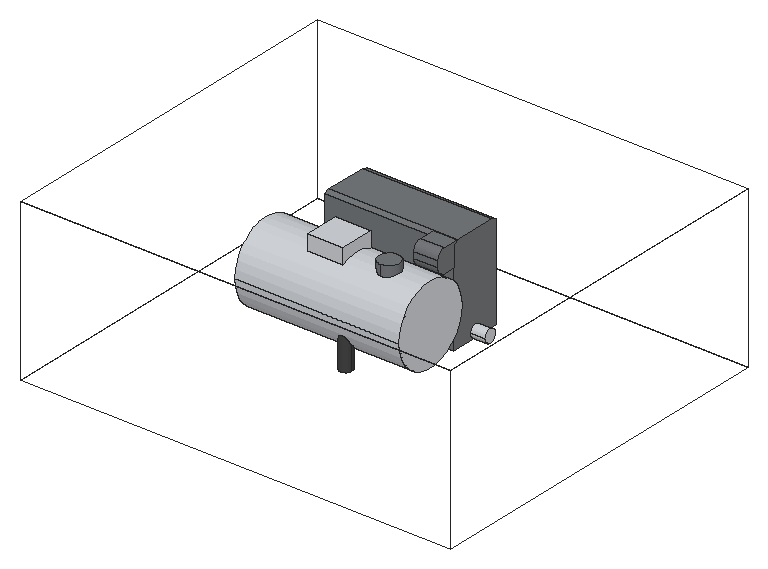
Revit family "EVISA", category Equipement de génie climatique, Revit 2018
Family settings
  Cote de connecteur circulaire = Utiliser le diamètre
  Classification = Aucun
  Type d'élément = Normal
  Basée sur le plan de construction = Non
  Toujours verticalement = Oui
  Couper avec des vides une fois chargée = Non
  Partagée = Non
  Point de calcul de pièce = Non
Parameters (values of type "d - E40.R")
  ØVIDANGE = 30 mm
  ØSILENTB. = 30 mm
  ØFILTRE_HUILE = 76 mm
  ØCOUDE_REFOUL. = 30 mm
  ØBRIDE = 50 mm
  ØBOUCH_OIL = 48.5 mm
  ZONE_MAINTENANCE [instance] = yes
  TENSION_ALIM = 400 V
  REFOUL_E40-100.R+SILENTB_N°5 = yes
  SILENTB_N°2 = no
  SILENTB_N°1 = no
  VISIBILITE_BRIDE = no
  RAY_COUDE_REFOUL. = ØCOUDE_REFOUL. * 0.8  # 24 mm
  PUISS_ELECT = 1.1 kW
  PUISSANCE_APPARENTE = PUISS_ELECT / 0.9  # 1222.22 VA
  PROF.VIDANGE = 37 mm
  ZONE_MAINT_50 = 100 mm + LONG_REFOUL.  # 131 mm
  POIDS(Kg) = 34.3 mm
  NIVEAU_SONORE(dB(A)) = 58
  NEUTRE = no
  NBR_POLES = 3
  Modèle = "EVISA"
  Lien espace client = "https://www.mils.fr/en/customers-area/"
  LONG_ZONE_MAINT = LONGUEUR + ZONE_MAINT_400  # 843 mm
  LONG_OFFSET_SILENTB_E25/100.R = 104.587 mm
  ZONE_MAINT_400 = 400 mm  # constant formula
  LARG_REFOUL_E25/100.R = 47.5 mm
  LARG_OFFSET_VIDANGE = 63.3 mm
  LARG_OFFSET_SILENTB_E25/100.R = 253.5 mm
  ZONE_MAINT_200 = 200 mm  # constant formula
  LARGEUR = 300 mm
  HAUT_REFOUL_E25/100.R = 55 mm
  HAUT_REFOUL. = 225 mm
  HAUT_OFFSET_VIDANGE = 38.5 mm
  LONGUEUR = 443 mm
  LARG_OFFSET_MOT_ELECT. = 72.3 mm
  LARG_OFFSET_FILTRE = 62 mm
  LARG_OFFSET_CORPS = 22.2 mm
  OFFSET_BOITE_REFOUL. = 67 mm
  LONG_OFFSET_REFOUL = 214 mm
  LONG_OFFSET_CORPS = 300 mm
  LONG_OFFSET_BRIDE = 159 mm
  LONG_OFFSET_BOITE_BORNE = 179 mm
  LONG_MOT_ELECT. = 397.5 mm
  LONG_FILTRE_HUILE = 76 mm
  LONG_ENTRAXE_SILENTB. = 187 mm
  LONG_CORPS = 49 mm
  LONG_BOITE_REFOUL. = 312 mm
  ØMOT_ELECT. = 189 mm
  LONG_BOITE_BORNE = 85 mm
  LARG_OFFSET_OIL = 44 mm
  LARG_OFFSET_COUDE_REFOUL. = 131 mm
  LARG_OFFSET_BRIDE = 85 mm
  LARG_OFFSET_BOITE_BORNE = LARG_BOITE_BORNE / 2  # 42.5 mm
  LARG_ENTRAXE_SILENTB. = 253.5 mm
  LARG_CORPS = 172.2 mm
  LARG_BOITE_REFOUL. = 128 mm
  LARG_BOITE_BORNE = 85 mm
  HAUT_SILENTB. = 21 mm
  LONG_REFOUL. = 31 mm
  HAUT_BOITE_REFOUL. = 257 mm
  HAUT_MOT_ELECT. = 115.5 mm
  HAUT_FILTRE_HUILE = 65.5 mm
  HAUT_CORPS = 180 mm
  HAUT_BRIDE = 228 mm
  HAUT_BOITE_BORNE = 237 mm
  HAUTEUR = 258 mm
  Fabricant = "MIL'S"
  DIAM_REFOUL_VIDE = DIAM_ASPI_VIDE  # 25 mm
  DIAM_ASPI_VIDE = 25 mm
  DESCR_REFOUL = "Refoulement Vide ; 44 m³/h ; G 1\" FEM"
  DESCR_ASPI = "Aspiration Vide ; 44 m³/h ; G 1\" FEM"
  DESCR_ALIM_ELECT = "Alimentation électrique, 4G1.5mm²"
  DEBIT_REFOUL_VIDE = DEBIT_ASPI_VIDE  # 44.0 m³/h
  DEBIT_ASPI_VIDE = 44.0 m³/h
  COUDE_REFOUL [instance] = no
  COS_PHI = 0.9  # constant formula
  CORPS = no
  CHANF.CORPS = 36 mm
  CHANF.REF.V = 5 mm
  BRANCHEMENT_TERRE = yes
Types (13, lengths in mm): name | ØSILENTB. | ØFILTRE_HUILE | ØCOUDE_REFOUL. | ØBRIDE | REFOUL_E40-100.R+SILENTB_N°5 | SILENTB_N°2 | SILENTB_N°1 | VISIBILITE_BRIDE | RAY_COUDE_REFOUL. | PUISS_ELECT | PUISSANCE_APPARENTE | PROF.VIDANGE | ZONE_MAINT_50 | POIDS(Kg) | NIVEAU_SONORE(dB(A)) | NEUTRE | LONG_ZONE_MAINT | LONG_OFFSET_SILENTB_E25/100.R | LARG_REFOUL_E25/100.R | LARG_OFFSET_VIDANGE | LARG_OFFSET_SILENTB_E25/100.R | LARGEUR | HAUT_REFOUL_E25/100.R | HAUT_REFOUL. | HAUT_OFFSET_VIDANGE | LONGUEUR | LARG_OFFSET_MOT_ELECT. | LARG_OFFSET_FILTRE | LARG_OFFSET_CORPS | OFFSET_BOITE_REFOUL. | LONG_OFFSET_REFOUL | LONG_OFFSET_CORPS | LONG_OFFSET_BRIDE | LONG_OFFSET_BOITE_BORNE | LONG_MOT_ELECT. | LONG_FILTRE_HUILE | LONG_ENTRAXE_SILENTB. | LONG_CORPS | LONG_BOITE_REFOUL. | ØMOT_ELECT. | LONG_BOITE_BORNE | LARG_OFFSET_OIL | LARG_OFFSET_COUDE_REFOUL. | LARG_OFFSET_BRIDE | LARG_OFFSET_BOITE_BORNE | LARG_ENTRAXE_SILENTB. | LARG_CORPS | LARG_BOITE_REFOUL. | LARG_BOITE_BORNE | HAUT_SILENTB. | LONG_REFOUL. | HAUT_BOITE_REFOUL. | HAUT_MOT_ELECT. | HAUT_FILTRE_HUILE | HAUT_CORPS | HAUT_BRIDE | HAUT_BOITE_BORNE | HAUTEUR | DIAM_REFOUL_VIDE | DIAM_ASPI_VIDE | DESCR_REFOUL | DESCR_ASPI | DESCR_ALIM_ELECT | DEBIT_REFOUL_VIDE | DEBIT_ASPI_VIDE | COUDE_REFOUL | CORPS | CHANF.CORPS | CHANF.REF.V
  i - E300.R | 50 | 100 | 60 | 80 | no | yes | yes | no | 48 | 5.5 kW | 6111.11 VA | 36 | 161 | 172 | 72 | no | 1463 | 104.587 | 62.175 | 192.5 | 235.702 | 516 | 67.5 | 477 | 50 | 1063 | 35 | 118 | 121 | 108.5 | 440.5 | 662.5 | 306.5 | 8 | 385.5 | 138 | 260 | 688 | 610 | 264 | 125 | 53 | 277 | 141 | 62.5 | 344.5 | 280 | 236 | 125 | 31.5 | 61 | 420 | 170 | 82.5 | 312.5 | 360 | 362 | 426 | 50 | 50 | "Refoulement Vide ; 300 m³/h ; G 3\" FEM" | "Aspiration Vide ; 300 m³/h ; G 2\" FEM" | "Alimentation électrique, 4G2.5mm²" | 300.0 m³/h | 300.0 m³/h | yes | yes | 50 | 40
  a - E25.2 HV | 30 | 76 | 39 | 50 | no | yes | yes | no | 31.2 | 0.75 kW | 833.333 VA | 36 | 142 | 39 | 60 | no | 935 | 104.587 | 62.175 | 36.5 | 235.702 | 296 | 67.5 | 290 | 29.5 | 535 | 0 | 75 | 92 | 146 | 174 | 235 | 148 | 37 | 251 | 75 | 148 | 250 | 370 | 156 | 94 | 44 | 144 | 85 | 47 | 189 | 165 | 131 | 94 | 14 | 42 | 265 | 115.5 | 59 | 209 | 249.5 | 223 | 276 | 25 | 25 | "Refoulement Vide ; 30 m³/h ; G 1\" FEM" | "Aspiration Vide ; 30 m³/h ; G 1\" FEM" | "Alimentation électrique, 4G1.5mm²" | 30.0 m³/h | 30.0 m³/h | yes | yes | 36 | 5
  j - E350.R | 60 | 93 | 95 | 138 | no | yes | yes | yes | 76 | 7.5 kW | 8333.33 VA | 37 | 178 | 363 | 72 | no | 1760 | 104.587 | 62.175 | 235 | 235.702 | 682 | 67.5 | 614 | 46 | 1360 | 0 | 220 | 188 | 82 | 524 | 758 | 349 | 43 | 510 | 121 | 376 | 837 | 686 | 310 | 135 | 51 | 349 | 170 | 76.5 | 464 | 383 | 299 | 153 | 28 | 78 | 533 | 210 | 95 | 431 | 509 | 443 | 544 | 80 | 80 | "Refoulement Vide ; 360 m³/h ; G 3\" FEM" | "Aspiration Vide ; 360 m³/h ; BRIDE DN80" | "Alimentation électrique, 4G4mm²" | 360.0 m³/h | 360.0 m³/h | yes | yes | 55 | 12
  c - E40.2 HV | 30 | 76 | 32 | 50 | no | yes | yes | no | 25.6 | 1.1 kW | 1222.22 VA | 36 | 142 | 52 | 62 | no | 1020 | 104.587 | 62.175 | 36.5 | 235.702 | 296 | 67.5 | 290 | 29.5 | 620 | 0 | 75 | 92 | 109 | 211 | 337 | 185 | 27.8 | 274.5 | 75 | 185 | 345 | 370 | 175 | 109.5 | 44 | 144 | 85 | 54.75 | 189 | 165 | 131 | 109.5 | 5 | 42 | 265 | 111.5 | 59 | 209 | 249.5 | 237.5 | 276 | 25 | 25 | "Refoulement Vide ; 47.7 m³/h ; G 1\" FEM" | "Aspiration Vide ; 47.7 m³/h ; G 1\" FEM" | "Alimentation électrique, 4G1.5mm²" | 47.7 m³/h | 47.7 m³/h | yes | yes | 36 | 5
  g - E150.R | 50 | 93 | 64.5 | 80 | no | yes | yes | no | 51.6 | 3 kW | 3333.33 VA | 41 | 165 | 154 | 69 | no | 1319 | 104.587 | 62.175 | 192.5 | 235.702 | 516 | 67.5 | 477 | 50 | 919 | 42.5 | 118 | 121 | 155 | 394 | 478.5 | 260 | 33 | 385.5 | 138 | 260 | 504 | 610 | 255 | 127 | 53 | 277 | 141 | 63.5 | 344.5 | 278 | 238 | 127 | 25 | 65 | 420 | 168 | 82.5 | 312.5 | 360 | 353 | 426 | 50 | 50 | "Refoulement Vide ; 132 m³/h ; G 2\" FEM" | "Aspiration Vide ; 132 m³/h ; G 2\" FEM" | "Alimentation électrique, 4G2.5mm²" | 132.0 m³/h | 132.0 m³/h | yes | yes | 40 | 40
  h - E200.R | 50 | 93 | 64.5 | 80 | no | yes | yes | no | 51.6 | 4 kW | 4444.44 VA | 38 | 161 | 143 | 71 | no | 1317 | 104.587 | 62.175 | 192.5 | 235.702 | 516 | 67.5 | 477 | 50 | 917 | 35 | 118 | 121 | 155 | 394 | 569 | 260 | 31.7 | 323 | 138 | 260 | 594.5 | 610 | 220 | 86 | 53 | 277 | 141 | 43 | 344.5 | 278 | 238 | 86 | 25 | 61 | 420 | 172 | 82.5 | 312.5 | 360 | 320 | 426 | 50 | 50 | "Refoulement Vide ; 200 m³/h ; G 2\" FEM" | "Aspiration Vide ; 200 m³/h ; G 2\" FEM" | "Alimentation électrique, 4G2.5mm²" | 200.0 m³/h | 200.0 m³/h | yes | yes | 40 | 40
  k - E400.R | 60 | 93 | 95 | 138 | no | yes | yes | yes | 76 | 9 kW | 10000 VA | 27.5 | 178 | 408 | 72 | no | 1800 | 104.587 | 62.175 | 235 | 235.702 | 680 | 67.5 | 614 | 46 | 1400 | 0 | 220 | 188 | 81.5 | 523.5 | 827.5 | 376 | 43 | 510 | 121 | 376 | 883.5 | 685.5 | 310 | 135 | 51 | 349 | 170 | 76.5 | 464 | 383 | 299 | 153 | 28 | 78 | 533 | 210 | 95 | 431 | 509 | 443 | 544 | 80 | 80 | "Refoulement Vide ; 426 m³/h ; G 3\" FEM" | "Aspiration Vide ; 426 m³/h ; BRIDE DN80" | "Alimentation électrique, 4G6mm²" | 426.0 m³/h | 426.0 m³/h | yes | yes | 55 | 10
  l - E500.R | 60 | 93 | 95 | 138 | no | yes | yes | yes | 76 | 11 kW | 12222.2 VA | 27.5 | 178 | 462 | 73 | no | 1900 | 104.587 | 62.175 | 235 | 235.702 | 680 | 67.5 | 614 | 46 | 1500 | 0 | 220 | 186 | 81.5 | 523.5 | 853.5 | 376 | 67 | 552 | 121 | 376 | 943.5 | 685.5 | 348 | 180 | 51 | 349 | 168 | 105 | 464 | 381 | 299 | 210 | 28 | 78 | 533 | 210 | 95 | 431 | 509 | 466 | 544 | 80 | 80 | "Refoulement Vide ; 513 m³/h ; G 3\" FEM" | "Aspiration Vide ; 513 m³/h ; BRIDE DN80" | "Alimentation électrique, 4G6mm²" | 513.0 m³/h | 513.0 m³/h | yes | yes | 55 | 12
  m - E600.R | 60 | 93 | 95 | 138 | no | yes | yes | yes | 76 | 13 kW | 14444.4 VA | 27.5 | 178 | 531 | 74 | no | 2055 | 104.587 | 62.175 | 235 | 235.702 | 680 | 67.5 | 611 | 46 | 1655 | 0 | 220 | 186 | 81.5 | 523.5 | 900 | 376 | 65.5 | 614 | 121 | 376 | 1035 | 685.5 | 348 | 180 | 51 | 349 | 168 | 105 | 464 | 381 | 299 | 210 | 28 | 78 | 533 | 210 | 95 | 431 | 509 | 466 | 544 | 80 | 80 | "Refoulement Vide ; 635 m³/h ; G 3\" FEM" | "Aspiration Vide ; 635 m³/h ; BRIDE DN80" | "Alimentation électrique 4G10mm²" | 635.0 m³/h | 635.0 m³/h | yes | yes | 55 | 12
  b - E25.R | 30 | 76 | 30 | 50 | yes | no | no | no | 24 | 0.75 kW | 833.333 VA | 37 | 131 | 30 | 59 | yes | 843 | 104.587 | 45 | 63.3 | 253.5 | 300 | 55 | 225 | 38.5 | 443 | 72.3 | 62 | 22.2 | 67 | 214 | 300 | 159 | 179 | 397.5 | 76 | 187 | 49 | 312 | 189 | 85 | 44 | 131 | 85 | 42.5 | 253.5 | 172.2 | 128 | 85 | 21 | 31 | 258 | 115.5 | 65.5 | 180 | 228 | 237 | 258 | 25 | 25 | "Refoulement Vide ; 28 m³/h ; G 1\" FEM" | "Aspiration Vide ; 28 m³/h ; G 1\" FEM" | "Alimentation électrique, 4G1.5mm²" | 28.0 m³/h | 28.0 m³/h | no | no | 36 | 5
  d - E40.R | 30 | 76 | 30 | 50 | yes | no | no | no | 24 | 1.1 kW | 1222.22 VA | 37 | 131 | 34.3 | 58 | no | 843 | 104.587 | 47.5 | 63.3 | 253.5 | 300 | 55 | 225 | 38.5 | 443 | 72.3 | 62 | 22.2 | 67 | 214 | 300 | 159 | 179 | 397.5 | 76 | 187 | 49 | 312 | 189 | 85 | 44 | 131 | 85 | 42.5 | 253.5 | 172.2 | 128 | 85 | 21 | 31 | 257 | 115.5 | 65.5 | 180 | 228 | 237 | 258 | 25 | 25 | "Refoulement Vide ; 44 m³/h ; G 1\" FEM" | "Aspiration Vide ; 44 m³/h ; G 1\" FEM" | "Alimentation électrique, 4G1.5mm²" | 44.0 m³/h | 44.0 m³/h | no | no | 36 | 5
  e - E65.R | 30 | 76 | 15 | 60 | yes | yes | no | no | 12 | 1.5 kW | 1666.67 VA | 51.3 | 120 | 63.4 | 67 | no | 1097 | 200.5 | 48.5 | 63.5 | 234 | 331 | 60 | 248 | 43.5 | 697 | 8.5 | 62 | 99 | 98 | 449.5 | 571 | 351 | 411 | 686 | 76 | 351 | 49 | 567.5 | 215 | 110 | 55.5 | 78.5 | 107.5 | 55 | 205 | 204 | 127 | 110 | 23 | 20 | 285 | 127 | 65.5 | 180 | 279 | 253 | 285 | 32 | 32 | "Refoulement Vide ; 68 m³/h ; G 1\"1/4 FEM" | "Aspiration Vide ; 68 m³/h ; G 1\"1/4 FEM" | "Alimentation électrique, 4G1.5mm²" | 68.0 m³/h | 68.0 m³/h | no | no | 36 | 25
  f - E100.R | 30 | 76 | 15 | 60 | yes | yes | no | no | 12 | 2.2 kW | 2444.44 VA | 51.3 | 120 | 67.2 | 67 | no | 1097 | 200.5 | 50 | 63.5 | 235.8 | 331 | 60 | 248 | 43.5 | 697 | 8.5 | 62 | 99 | 49.223 | 498 | 571 | 351 | 411 | 686 | 76 | 351 | 49 | 567.5 | 215 | 110 | 55.5 | 79.5 | 97 | 55 | 205 | 207 | 124 | 110 | 23 | 20 | 285 | 127 | 65.5 | 180 | 279 | 253 | 285 | 32 | 32 | "Refoulement Vide ; 100 m³/h ; G 1\"1/4 FEM" | "Aspiration Vide ; 100 m³/h ; G 1\"1/4 FEM" | "Alimentation électrique, 4G1.5mm²" | 100.0 m³/h | 100.0 m³/h | no | no | 36 | 25
Reference planes
  plane 1 "Centre (avant/arrière)": y = 0
  plane 2: z = 0
  plane 3 "Centre (gauche/droite)": x = 0
  plane 4: x = -545
  plane 5: x = -545
  plane 6: x = -245
  plane 7 "POS.SILENTB": y = -253.5
  plane 8: x = 187
  plane 9 "HAUTEUR SILENTB": z = 21
  plane 10: y = -275.7
  plane 11: y = -103.5
  plane 12 "FACE": y = 24.5
  plane 13: x = -67
  plane 14: x = 245
  plane 15: x = 251
  plane 16: x = 300
  plane 17 "GAUCHE": x = -146.5
  plane 18 "HAUTEUR FILTRE": z = 65.5
  plane 19 "HAUTEUR CORPS": z = 180
  plane 20 "HAUTEUR BOITE REFOUL": z = 257
  plane 21: x = -143
  plane 22 "OFFSET_FILT_HUILE": y = -37.5
  plane 23 "HAUTEUR MOTEUR": z = 115.5
  plane 24 "HAUTEUR BOITE BORNE": z = 237
  plane 25: x = 72
  plane 26: x = -13
  plane 27: y = -138.7
  plane 28: y = -223.7
  plane 29 "OFFSET_BRIDE": y = -190.7
  plane 30: x = 159
  plane 31 "HAUTEUR BRIDE": z = 228
  plane 32 "Refoulement": x = 214
  plane 33 "REFOULEMENT": y = -122.5
  plane 34 "HAUTEUR REFOUL": z = 225
  plane 35 "LG_REFOULEMENT": x = 245
  plane 36: x = -23
  plane 37 "OFFSET_LARG_MOT_ELECT.": y = -181.2
  plane 38 "OFFSET_LARG_VIDANGE": y = -38.8
  plane 39 "OFFSET_HAUT_VIDANGE": z = 38.5
  plane 40 "PROF.VIDANGE": x = 282
  plane 41 "HAUT_OFFSET_BRIDE": z = 225
  plane 42 "EPAISSEUR_BRIDE": z = 208
  plane 43 "HAUTEUR_REFOUL_E25/100.R": z = 202
  plane 44 "LARGEUR_REFOUL_E25/100.R": y = -151
  plane 45 "LARG_OFFSET_SILENTB_E25/100.R": x = 104.587
  plane 46: y = -253.5
  plane 47 "HAUT_ZONE_MAINT": z = 388
  plane 48 "ZONE_MAINT1": y = 224.5
  plane 49 "ZONE_MAINT2": y = -675.7
  plane 50 "ZONE_MAINT4": x = 696.5
  plane 51 "ZONE_MAINT3": x = -346.5
  plane 52 "BAS": z = 0
Forms (mm)
  Extrusion 1, solid, not visible
    sketch origin (-671.698, -1524, 268) x (-1, 0, 0) y (0, -1, 0)
      loop
        circle (-126.698, -1132) r 25
    from 0 to 17
  Extrusion 2, solid, not visible
    sketch origin (-671.698, -1524, 268) x (-1, 0, 0) y (0, -1, 0)
      loop
        circle (-126.698, -1132) r 25
    from 0 to 17
  Extrusion 3, solid, not visible
    sketch origin (-371.698, -1524, 268) x (-1, 0, 0) y (0, -1, 0)
      loop
        circle (-126.698, -1132) r 25
    from 0 to 17
  Extrusion 4, solid, material "NOIR MILS"
    sketch origin (-642.909, 391.084, 0) x (0.819152, -0.573576, 0) y (0.573576, 0.819152, 0)
      loop
        circle (750.957, 48.4) r 15
    from 0 to 21
  Extrusion 5, solid, material "NOIR MILS"
    sketch origin (-411.344, 387.129, 0) x (0.819152, -0.573576, 0) y (0.573576, 0.819152, 0)
      loop
        circle (712.183, 26.079) r 15
    from 0 to 21
  Extrusion 6, solid, material "NOIR MILS", visible <- "SILENTB_N°1"
    sketch origin (-642.909, 46.084, 0) x (0.819152, -0.573576, 0) y (0.573576, 0.819152, 0)
      loop
        circle (698.474, 123.352) r 15
    from 0 to 21
  Extrusion 7, solid, material "NOIR MILS", visible <- "SILENTB_N°2"
    sketch origin (-384.128, 47.671, 0) x (0.819152, -0.573576, 0) y (0.573576, 0.819152, 0)
      loop
        circle (640.585, 80.881) r 15
    from 0 to 21
  Extrusion 8, solid, material "ROUGE MILS", visible <- "CORPS"
    sketch origin (300, -181.5, 1200) x (0, 1, 0) y (0, 0, 1)
      loop
        line (78, -1179) -> (78, -1020) -> (-58.2, -1020) -> (-94.2, -1056) -> (-94.2, -1143) -> (-58.2, -1179) -> (78, -1179)
    from -49 to 0
  Extrusion 9, solid, material "GRIS MILS"
    sketch origin (245, 313.535, 1200) x (0, 1, 0) y (0, 0, 1)
      loop
        line (-417.035, -948) -> (-417.035, -1179) -> (-289.035, -1179) -> (-289.035, -948) -> (-302.035, -943) -> (-404.035, -943) -> (-417.035, -948)
    from 0 to -312
  Extrusion 10, solid, material "NOIR MILS"
    sketch origin (-67, 275.881, 1200) x (0, 1, 0) y (0, 0, 1)
      loop
        circle (-313.381, -1134.5) r 38
    from 0 to -76
  Extrusion 11, solid
    sketch origin (-67, 275.881, 1200) x (0, 1, 0) y (0, 0, 1)
      loop
        circle (-457.081, -1084.5) r 94.5
    from 318 to -79.5
  Extrusion 12, solid
    sketch origin (0, -298.805, 362) x (0, 1, 0) y (-1, 0, 0)
      loop
        line (160.105, 13) -> (75.105, 13) -> (75.105, -72) -> (160.105, -72) -> (160.105, 13)
    from -125 to -246.5
  Extrusion 13, solid, material "GRIS MILS"
    sketch origin (0, -298.805, 237) x (0, 1, 0) y (-1, 0, 0)
      loop
        circle (108.105, -159) r 25
    from -9 to -57
  Sweep 14, solid, visible <- "COUDE_REFOUL"
    path origin (400.091, -122.5, 1200) x (-1, 0, 0) y (0, 0, 1)
      loop
        line (186.091, -1020) -> (186.091, -999)
        arc (186.091, -999) -> (179.061, -982.029) -> (162.091, -975) r 24
        line (162.091, -975) -> (155.091, -975)
    profile origin (214, -122.5, 190.5) x (1, 0, 0) y (0, 1, 0)
      loop
        circle (0, 0) r 15
  Extrusion 15, solid, visible <- "SILENTB_N°1"
    sketch origin (0, 84.824, 257) x (0, 1, 0) y (-1, 0, 0)
      loop
        circle (-207.324, 23) r 24.25
    from 0 to 7
  Extrusion 16, solid
    sketch origin (245, 313.535, 1200) x (0, 1, 0) y (0, 0, 1)
      loop
        circle (-352.335, -1161.5) r 15
    from 0 to 37
  Extrusion 17, solid, material "GRIS MILS", visible <- "VISIBILITE_BRIDE"
    sketch origin (146.61, -1524, 357) x (-1, 0, 0) y (0, -1, 0)
      loop
        circle (-12.39, -1333.3) r 100
    from -132 to -149
  Extrusion 18, void
    sketch origin (146.61, -1524, 225) x (0, -1, 0) y (-1, 0, 0)
      loop
        circle (-1407.207, 18.224) r 9
      loop
        circle (-1363.9, 61.51) r 9
      loop
        circle (-1407.2, -42.99) r 9
      loop
        circle (-1363.9, -86.29) r 9
      loop
        circle (-1302.7, 61.51) r 9
      loop
        circle (-1302.7, -86.29) r 9
      loop
        circle (-1259.4, 18.21) r 9
      loop
        circle (-1259.4, -42.99) r 9
    from -3 to 17
  Extrusion 19, solid, material "GRIS MILS", visible <- "REFOUL_E40-100.R+SILENTB_N°5"
    sketch origin (245, 313.535, 1200) x (0, 1, 0) y (0, 0, 1)
      loop
        line (-417.035, -998) -> (-417.035, -948) -> (-404.035, -943) -> (-444.535, -943)
        arc (-444.535, -943) -> (-458.677, -948.858) -> (-464.535, -963) r 20
        line (-464.535, -963) -> (-464.535, -978)
        arc (-464.535, -978) -> (-458.677, -992.142) -> (-444.535, -998) r 20
        line (-444.535, -998) -> (-417.035, -998)
    from 0 to -58
  Extrusion 20, solid, material "NOIR MILS", visible <- "REFOUL_E40-100.R+SILENTB_N°5"
    sketch origin (0, 0, 0) x (1, 0, 0) y (0, 1, 0)
      loop
        circle (104.587, -253.5) r 15
    from 0 to 115.5
  Extrusion 21, solid, visible <- "ZONE_MAINTENANCE"
    sketch origin (0, 0, 0) x (1, 0, 0) y (0, 1, 0)
      loop
        line (-346.5, 224.5) -> (-346.5, -675.7) -> (696.5, -675.7) -> (696.5, 224.5) -> (-346.5, 224.5)
    from 0 to 388
Cuts and joins
  joined: Extrusion 11, Extrusion 12
  Extrusion 18 cuts Extrusion 17
Dimensions and locks
  "LONG_ENTRAXE_SILENTB.": plane 8 to plane 3 "Centre (gauche/droite)"
  "LARG_ENTRAXE_SILENTB.": plane 7 "POS.SILENTB" to plane 1 "Centre (avant/arrière)"
  "HAUT_SILENTB.": plane 9 "HAUTEUR SILENTB" to level
  "LARG_BOITE_REFOUL.": plane 12 "FACE" to plane 11
  "LARG_OFFSET_CORPS": plane 7 "POS.SILENTB" to plane 10
  "LARG_CORPS": plane 11 to plane 10
  "LONG_BOITE_REFOUL.": plane 13 to plane 14
  "OFFSET_BOITE_REFOUL.": plane 13 to plane 3 "Centre (gauche/droite)"
  "LONG_CORPS": plane 15 to plane 16
  "LONG_MOT_ELECT.": plane 17 "GAUCHE" to plane 15
  "CHANF.CORPS": Extrusion 8 sketch curve to Extrusion 8 sketch curve  (x4)
  "HAUT_FILTRE_HUILE": plane 18 "HAUTEUR FILTRE" to level
  "HAUT_CORPS": plane 19 "HAUTEUR CORPS" to level
  "HAUT_BOITE_REFOUL.": plane 20 "HAUTEUR BOITE REFOUL" to level
  locked: Extrusion 9 sketch curve to Extrusion 9 sketch curve at 13  (x2)
  "CHANF.REF.V": Extrusion 9 sketch curve to Extrusion 9 sketch curve  (x2)
  "LARG_OFFSET_FILTRE": plane 12 "FACE" to plane 22 "OFFSET_FILT_HUILE"
  "HAUT_MOT_ELECT.": plane 23 "HAUTEUR MOTEUR" to level
  "HAUT_BOITE_BORNE": plane 24 "HAUTEUR BOITE BORNE" to level
  "LARG_BOITE_BORNE": plane 27 to plane 28
  "LONG_BOITE_BORNE": plane 26 to plane 25
  "LONG_OFFSET_BOITE_BORNE": plane 25 to plane 15
  "LONG_OFFSET_CORPS": plane 3 "Centre (gauche/droite)" to plane 16
  "LONG_OFFSET_BRIDE": plane 3 "Centre (gauche/droite)" to plane 30
  "HAUT_BRIDE": plane 31 "HAUTEUR BRIDE" to level
  "LONG_OFFSET_REFOUL": plane 3 "Centre (gauche/droite)" to plane 32 "Refoulement"
  "LARG_OFFSET_COUDE_REFOUL.": plane 33 "REFOULEMENT" to plane 7 "POS.SILENTB"
  "LONG_REFOUL.": plane 32 "Refoulement" to plane 35 "LG_REFOULEMENT"
  "LARG_OFFSET_OIL": plane 13 to plane 36
  "LARG_OFFSET_MOT_ELECT.": plane 37 "OFFSET_LARG_MOT_ELECT." to plane 7 "POS.SILENTB"
  "LARG_OFFSET_BOITE_BORNE": plane 27 to plane 37 "OFFSET_LARG_MOT_ELECT."
  "HAUT_OFFSET_VIDANGE": plane 39 "OFFSET_HAUT_VIDANGE" to level
  "LARG_OFFSET_VIDANGE": plane 38 "OFFSET_LARG_VIDANGE" to plane 12 "FACE"
  "PROF.VIDANGE": plane 14 to plane 40 "PROF.VIDANGE"
  "LONG_FILTRE_HUILE": plane 21 to plane 13
  "LARG_OFFSET_BRIDE": plane 29 "OFFSET_BRIDE" to plane 10
  locked: plane 41 "HAUT_OFFSET_BRIDE" to plane 42 "EPAISSEUR_BRIDE" at 17
  locked: Extrusion 18 sketch curve to plane 30 at 30.613
  locked: plane 29 "OFFSET_BRIDE" to Extrusion 18 sketch curve at 73.907
  locked: Extrusion 18 sketch curve to plane 30 at 73.9  (x2)
  locked: plane 29 "OFFSET_BRIDE" to Extrusion 18 sketch curve at 30.6
  locked: plane 29 "OFFSET_BRIDE" to Extrusion 18 sketch curve at 73.9
  locked: plane 30 to Extrusion 18 sketch curve at 30.6
  plane 29 "OFFSET_BRIDE" to Extrusion 18 sketch curve = 30.6 mm
  plane 30 to Extrusion 18 sketch curve = 73.9 mm
  locked: Extrusion 18 sketch curve to plane 29 "OFFSET_BRIDE" at 30.6  (x2)
  locked: Extrusion 18 sketch curve to plane 30 at 30.6
  locked: Extrusion 18 sketch curve to plane 29 "OFFSET_BRIDE" at 73.9  (x2)
  plane 30 to Extrusion 18 sketch curve = 30.6 mm
  locked: plane 30 to Extrusion 18 sketch curve at 73.9
  locked: plane 31 "HAUTEUR BRIDE" to plane 41 "HAUT_OFFSET_BRIDE" at 3
  "LARG_REFOUL_E25/100.R": plane 44 "LARGEUR_REFOUL_E25/100.R" to plane 11
  "HAUT_REFOUL_E25/100.R": plane 43 "HAUTEUR_REFOUL_E25/100.R" to plane 20 "HAUTEUR BOITE REFOUL"
  "LONG_OFFSET_SILENTB_E25/100.R": plane 3 "Centre (gauche/droite)" to plane 45 "LARG_OFFSET_SILENTB_E25/100.R"
  "LARG_OFFSET_SILENTB_E25/100.R": plane 1 "Centre (avant/arrière)" to plane 46
  "ZONE_MAINT_200": plane 51 "ZONE_MAINT3" to plane 17 "GAUCHE"
  "ZONE_MAINT_200": plane 48 "ZONE_MAINT1" to plane 12 "FACE"
  "ZONE_MAINT_400": plane 10 to plane 49 "ZONE_MAINT2"
  "ZONE_MAINT_50": plane 47 "HAUT_ZONE_MAINT" to plane 20 "HAUTEUR BOITE REFOUL"
  "HAUT_REFOUL.": plane 34 "HAUTEUR REFOUL" to level
  "LONG_ZONE_MAINT": plane 17 "GAUCHE" to plane 50 "ZONE_MAINT4"
  radius of Extrusion 1 sketch curve = 25 mm
  radius of Extrusion 2 sketch curve = 25 mm
  radius of Extrusion 3 sketch curve = 25 mm
  "ØSILENTB.": diameter of Extrusion 4 sketch curve
  "ØSILENTB.": diameter of Extrusion 5 sketch curve
  "ØSILENTB.": diameter of Extrusion 6 sketch curve
  "ØSILENTB.": diameter of Extrusion 7 sketch curve
  "ØFILTRE_HUILE": diameter of Extrusion 10 sketch curve
  "ØMOT_ELECT.": diameter of Extrusion 11 sketch curve
  "ØBRIDE": diameter of Extrusion 13 sketch curve
  "ØCOUDE_REFOUL.": diameter of Sweep 14 sketch curve
  "RAY_COUDE_REFOUL.": radius of Sweep 14 sketch curve
  "ØBOUCH_OIL": diameter of Extrusion 15 sketch curve
  "ØVIDANGE": diameter of Extrusion 16 sketch curve
  diameter of Extrusion 17 sketch curve = 200 mm
  diameter of Extrusion 18 sketch curve = 18 mm  (x8)
  radius of Extrusion 19 sketch curve = 20 mm  (x2)
  "ØSILENTB.": diameter of Extrusion 20 sketch curve
  aligned and locked: level to plane 2
  aligned and locked: Extrusion 4 to level
  aligned and locked: plane 9 "HAUTEUR SILENTB" to Extrusion 4
  aligned and locked: plane 8 to Extrusion 5 sketch curve
  aligned and locked: plane 1 "Centre (avant/arrière)" to Extrusion 5 sketch curve
  aligned and locked: plane 1 "Centre (avant/arrière)" to Extrusion 4 sketch curve
  aligned and locked: plane 3 "Centre (gauche/droite)" to Extrusion 4 sketch curve
  aligned and locked: plane 3 "Centre (gauche/droite)" to Extrusion 6 sketch curve
  aligned and locked: plane 7 "POS.SILENTB" to Extrusion 6 sketch curve
  aligned and locked: plane 8 to Extrusion 7 sketch curve
  aligned and locked: plane 7 "POS.SILENTB" to Extrusion 7 sketch curve
  aligned and locked: plane 9 "HAUTEUR SILENTB" to Extrusion 7
  aligned and locked: Extrusion 4 to Extrusion 7
  aligned and locked: Extrusion 5 to Extrusion 4
  aligned and locked: Extrusion 6 to Extrusion 4
  aligned and locked: Extrusion 6 to level
  aligned and locked: Extrusion 7 to level
  aligned and locked: Extrusion 5 to level
  aligned and locked: plane 9 "HAUTEUR SILENTB" to Extrusion 8 sketch curve
  aligned and locked: Extrusion 8 sketch curve to plane 11
  aligned and locked: Extrusion 8 sketch curve to plane 19 "HAUTEUR CORPS"
  aligned and locked: plane 10 to Extrusion 8 sketch curve
  aligned and locked: plane 16 to Extrusion 8
  aligned and locked: Extrusion 8 to plane 15
  aligned and locked: Extrusion 9 sketch curve to plane 9 "HAUTEUR SILENTB"
  aligned and locked: Extrusion 9 sketch curve to plane 11
  aligned and locked: Extrusion 9 sketch curve to plane 12 "FACE"
  aligned and locked: Extrusion 9 sketch curve to plane 20 "HAUTEUR BOITE REFOUL"
  aligned and locked: Extrusion 9 to plane 14
  aligned and locked: Extrusion 9 to plane 13
  aligned and locked: plane 18 "HAUTEUR FILTRE" to Extrusion 10 sketch curve
  aligned and locked: plane 22 "OFFSET_FILT_HUILE" to Extrusion 10 sketch curve
  aligned and locked: Extrusion 10 to plane 21
  aligned and locked: plane 23 "HAUTEUR MOTEUR" to Extrusion 11 sketch curve
  aligned and locked: plane 15 to Extrusion 11
  aligned and locked: Extrusion 11 to plane 17 "GAUCHE"
  aligned and locked: plane 27 to Extrusion 12 sketch curve
  aligned and locked: plane 26 to Extrusion 12 sketch curve
  aligned and locked: Extrusion 12 sketch curve to plane 28
  aligned and locked: Extrusion 12 sketch curve to plane 25
  aligned and locked: plane 24 "HAUTEUR BOITE BORNE" to Extrusion 12
  aligned and locked: Extrusion 12 to plane 23 "HAUTEUR MOTEUR"
  aligned and locked: Extrusion 13 sketch curve to plane 29 "OFFSET_BRIDE"
  aligned and locked: plane 30 to Extrusion 13 sketch curve
  aligned and locked: Extrusion 13 to plane 31 "HAUTEUR BRIDE"
  aligned and locked: Extrusion 13 to plane 19 "HAUTEUR CORPS"
  aligned and locked: profile plane to Sweep 14 sketch curve  (x2)
  aligned and locked: Sweep 14 sketch curve to plane 34 "HAUTEUR REFOUL"
  aligned and locked: Sweep 14 sketch curve to plane 32 "Refoulement"
  aligned and locked: plane 35 "LG_REFOULEMENT" to Sweep 14 sketch curve
  aligned and locked: plane 36 to Extrusion 15 sketch curve
  aligned and locked: plane 37 "OFFSET_LARG_MOT_ELECT." to Extrusion 11 sketch curve
  aligned and locked: Extrusion 16 sketch curve to plane 38 "OFFSET_LARG_VIDANGE"
  aligned and locked: Extrusion 16 sketch curve to plane 39 "OFFSET_HAUT_VIDANGE"
  aligned and locked: Extrusion 16 to plane 40 "PROF.VIDANGE"
  aligned and locked: plane 33 "REFOULEMENT" to Extrusion 15 sketch curve
  aligned and locked: Extrusion 17 sketch curve to plane 29 "OFFSET_BRIDE"
  aligned and locked: plane 30 to Extrusion 17 sketch curve
  aligned and locked: Extrusion 17 to plane 42 "EPAISSEUR_BRIDE"
  aligned and locked: plane 31 "HAUTEUR BRIDE" to Extrusion 18
  aligned and locked: Extrusion 18 to plane 42 "EPAISSEUR_BRIDE"
  aligned and locked: plane 41 "HAUT_OFFSET_BRIDE" to Extrusion 17
  aligned and locked: Extrusion 19 sketch curve to plane 43 "HAUTEUR_REFOUL_E25/100.R"
  aligned and locked: plane 20 "HAUTEUR BOITE REFOUL" to Extrusion 19 sketch curve
  aligned and locked: Extrusion 19 sketch curve to Extrusion 9  (x2)
  aligned and locked: Extrusion 19 sketch curve to plane 44 "LARGEUR_REFOUL_E25/100.R"
  aligned and locked: Extrusion 19 to plane 8
  aligned and locked: plane 23 "HAUTEUR MOTEUR" to Extrusion 20
  aligned and locked: plane 45 "LARG_OFFSET_SILENTB_E25/100.R" to Extrusion 20 sketch curve
  aligned and locked: plane 46 to Extrusion 20 sketch curve
  aligned and locked: Extrusion 21 to level
  aligned and locked: plane 48 "ZONE_MAINT1" to Extrusion 21
  aligned and locked: Extrusion 21 to plane 51 "ZONE_MAINT3"
  aligned and locked: Extrusion 21 to plane 49 "ZONE_MAINT2"
  aligned and locked: Extrusion 21 to plane 50 "ZONE_MAINT4"
  aligned and locked: Extrusion 21 to plane 47 "HAUT_ZONE_MAINT"
  aligned and locked: level to plane 52 "BAS"
  aligned and locked: plane 19 "HAUTEUR CORPS" to Sweep 14 sketch curve
Automatic sketch dimensions
  Extrusion 21 sketch curve to plane 21 = 203.5 mm
  plane 16 to Extrusion 21 sketch curve = 396.5 mm
  Extrusion 21 sketch curve to plane 10 = 400 mm
  plane 12 "FACE" to Extrusion 21 sketch curve = 200 mm
Connectors
  electrical at (29.5, -223.7, 218.452), driven by "TENSION_ALIM", driven by "PUISSANCE_APPARENTE", driven by "DESCR_ALIM_ELECT"
    settings: on cut or joined group of Extrusion 11, Extrusion 12, index 1, voltage 400 V, apparent load 1222.22 VA, apparent load phase1 0 VA, apparent load phase2 0 VA, apparent load phase3 0 VA, power factor 1, load classification "Moteur", number of poles 3, system type 30, power factor state 1, is connector primary yes, connector utility yes, sub classification motor no, connector description "Alimentation électrique, 4G1.5mm²"
  piping at (245, -122.5, 225), diameter 25, driven by "DIAM_REFOUL_VIDE", driven by "DESCR_ASPI", driven by "DEBIT_REFOUL_VIDE"
    settings: on Sweep 14, index 2, connector inside diameter 609.6 mm, connector length 0 mm, flow factor 0, pipe flow 44.0 m³/h, pressure drop 0.0 Pa, fitting loss kfactor 0, connector angle 0.00°, fixture units 0, engagement length 0 mm, angle of deflection 0.00°, flow configuration 0, flow direction 2, fitting loss method 0, system type 22, joint type 0, gender type 0, connector reference index -1, connector utility 1, adjustable connector no, is connector primary yes, connector description "Aspiration Vide ; 44 m³/h ; G 1\" FEM"
  piping at (159, -190.7, 228), diameter 25, driven by "DIAM_ASPI_VIDE", driven by "DEBIT_ASPI_VIDE", driven by "DESCR_ASPI"
    settings: on Extrusion 13, index 3, connector inside diameter 609.6 mm, connector length 0 mm, flow factor 0, pipe flow 44.0 m³/h, pressure drop 0.0 Pa, fitting loss kfactor 0, connector angle 0.00°, fixture units 0, engagement length 0 mm, angle of deflection 0.00°, flow configuration 0, flow direction 1, fitting loss method 0, system type 22, joint type 0, gender type 0, connector reference index -1, connector utility 1, adjustable connector no, is connector primary no, connector description "Aspiration Vide ; 44 m³/h ; G 1\" FEM"
